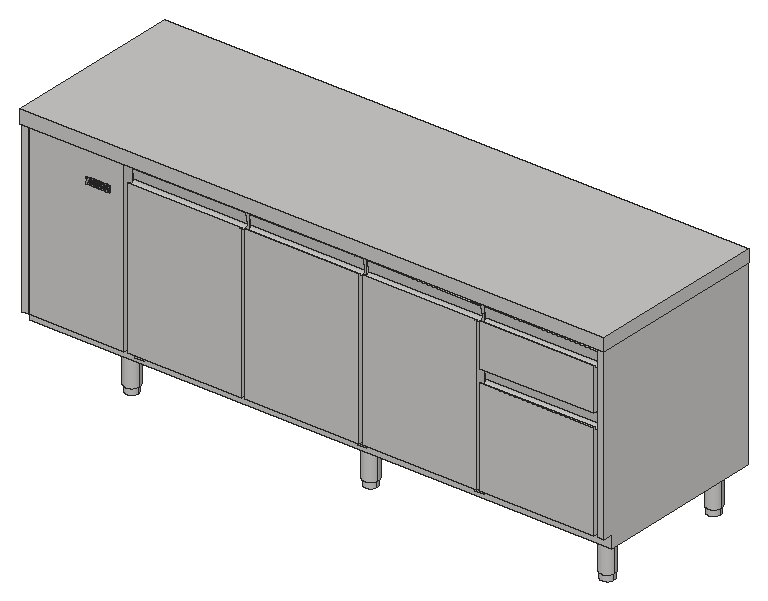
Revit family "QF_ZANUSSI_111061_ZH4HBAAAD", category Specialty Equipment, Revit 2018 (continued)
Definition of nested family "ZAN_Cooling Unit"
  Lines and regions (mm)
    Split face 122
      outline origin (55.016, 2, -209.119) x (0, 0, 1) y (-1, 0, 0)
        loop
          arc (510.649, 158.547) -> (506.648, 162.548) -> (502.647, 158.547) r 4.001
          line (502.647, 158.547) -> (502.647, 116.535)
          arc (502.647, 116.535) -> (506.648, 112.533) -> (510.649, 116.535) r 4.001
          line (510.649, 116.535) -> (510.649, 158.547)
    Split face 123
      outline origin (55.016, 2, -221.122) x (0, 0, 1) y (-1, 0, 0)
        loop
          arc (510.649, 158.547) -> (506.648, 162.548) -> (502.647, 158.547) r 4.001
          line (502.647, 158.547) -> (502.647, 116.535)
          arc (502.647, 116.535) -> (506.648, 112.533) -> (510.649, 116.535) r 4.001
          line (510.649, 116.535) -> (510.649, 158.547)
    Split face 124
      outline origin (55.016, 2, -233.126) x (0, 0, 1) y (-1, 0, 0)
        loop
          arc (510.649, 158.547) -> (506.648, 162.548) -> (502.647, 158.547) r 4.001
          line (502.647, 158.547) -> (502.647, 116.535)
          arc (502.647, 116.535) -> (506.648, 112.533) -> (510.649, 116.535) r 4.001
          line (510.649, 116.535) -> (510.649, 158.547)
    Split face 125
      outline origin (55.016, 2, -245.129) x (0, 0, 1) y (-1, 0, 0)
        loop
          arc (510.649, 158.547) -> (506.648, 162.548) -> (502.647, 158.547) r 4.001
          line (502.647, 158.547) -> (502.647, 116.535)
          arc (502.647, 116.535) -> (506.648, 112.533) -> (510.649, 116.535) r 4.001
          line (510.649, 116.535) -> (510.649, 158.547)
    Split face 126
      outline origin (55.016, 2, -257.133) x (0, 0, 1) y (-1, 0, 0)
        loop
          arc (510.649, 158.547) -> (506.648, 162.548) -> (502.647, 158.547) r 4.001
          line (502.647, 158.547) -> (502.647, 116.535)
          arc (502.647, 116.535) -> (506.648, 112.533) -> (510.649, 116.535) r 4.001
          line (510.649, 116.535) -> (510.649, 158.547)
    Split face 127
      outline origin (55.016, 2, -269.136) x (0, 0, 1) y (-1, 0, 0)
        loop
          arc (510.649, 158.547) -> (506.648, 162.548) -> (502.647, 158.547) r 4.001
          line (502.647, 158.547) -> (502.647, 116.535)
          arc (502.647, 116.535) -> (506.648, 112.533) -> (510.649, 116.535) r 4.001
          line (510.649, 116.535) -> (510.649, 158.547)
    Split face 128
      outline origin (55.016, 2, -281.14) x (0, 0, 1) y (-1, 0, 0)
        loop
          arc (510.649, 158.547) -> (506.648, 162.548) -> (502.647, 158.547) r 4.001
          line (502.647, 158.547) -> (502.647, 116.535)
          arc (502.647, 116.535) -> (506.648, 112.533) -> (510.649, 116.535) r 4.001
          line (510.649, 116.535) -> (510.649, 158.547)
    Split face 129
      outline origin (55.016, 2, -293.144) x (0, 0, 1) y (-1, 0, 0)
        loop
          arc (510.649, 158.547) -> (506.648, 162.548) -> (502.647, 158.547) r 4.001
          line (502.647, 158.547) -> (502.647, 116.535)
          arc (502.647, 116.535) -> (506.648, 112.533) -> (510.649, 116.535) r 4.001
          line (510.649, 116.535) -> (510.649, 158.547)
    Split face 130
      outline origin (110.032, 2, -113.091) x (0, 0, 1) y (-1, 0, 0)
        loop
          arc (510.649, 158.547) -> (506.648, 162.548) -> (502.647, 158.547) r 4.001
          line (502.647, 158.547) -> (502.647, 116.535)
          arc (502.647, 116.535) -> (506.648, 112.533) -> (510.649, 116.535) r 4.001
          line (510.649, 116.535) -> (510.649, 158.547)
    Split face 131
      outline origin (110.032, 2, -125.094) x (0, 0, 1) y (-1, 0, 0)
        loop
          arc (510.649, 158.547) -> (506.648, 162.548) -> (502.647, 158.547) r 4.001
          line (502.647, 158.547) -> (502.647, 116.535)
          arc (502.647, 116.535) -> (506.648, 112.533) -> (510.649, 116.535) r 4.001
          line (510.649, 116.535) -> (510.649, 158.547)
    Split face 132
      outline origin (110.032, 2, -137.098) x (0, 0, 1) y (-1, 0, 0)
        loop
          arc (510.649, 158.547) -> (506.648, 162.548) -> (502.647, 158.547) r 4.001
          line (502.647, 158.547) -> (502.647, 116.535)
          arc (502.647, 116.535) -> (506.648, 112.533) -> (510.649, 116.535) r 4.001
          line (510.649, 116.535) -> (510.649, 158.547)
    Split face 133
      outline origin (110.032, 2, -149.101) x (0, 0, 1) y (-1, 0, 0)
        loop
          arc (510.649, 158.547) -> (506.648, 162.548) -> (502.647, 158.547) r 4.001
          line (502.647, 158.547) -> (502.647, 116.535)
          arc (502.647, 116.535) -> (506.648, 112.533) -> (510.649, 116.535) r 4.001
          line (510.649, 116.535) -> (510.649, 158.547)
    Split face 134
      outline origin (110.032, 2, -161.105) x (0, 0, 1) y (-1, 0, 0)
        loop
          arc (510.649, 158.547) -> (506.648, 162.548) -> (502.647, 158.547) r 4.001
          line (502.647, 158.547) -> (502.647, 116.535)
          arc (502.647, 116.535) -> (506.648, 112.533) -> (510.649, 116.535) r 4.001
          line (510.649, 116.535) -> (510.649, 158.547)
    Split face 135
      outline origin (110.032, 2, -173.108) x (0, 0, 1) y (-1, 0, 0)
        loop
          arc (510.649, 158.547) -> (506.648, 162.548) -> (502.647, 158.547) r 4.001
          line (502.647, 158.547) -> (502.647, 116.535)
          arc (502.647, 116.535) -> (506.648, 112.533) -> (510.649, 116.535) r 4.001
          line (510.649, 116.535) -> (510.649, 158.547)
    Split face 136
      outline origin (110.032, 2, -185.112) x (0, 0, 1) y (-1, 0, 0)
        loop
          arc (510.649, 158.547) -> (506.648, 162.548) -> (502.647, 158.547) r 4.001
          line (502.647, 158.547) -> (502.647, 116.535)
          arc (502.647, 116.535) -> (506.648, 112.533) -> (510.649, 116.535) r 4.001
          line (510.649, 116.535) -> (510.649, 158.547)
    Split face 137
      outline origin (110.032, 2, -197.115) x (0, 0, 1) y (-1, 0, 0)
        loop
          arc (510.649, 158.547) -> (506.648, 162.548) -> (502.647, 158.547) r 4.001
          line (502.647, 158.547) -> (502.647, 116.535)
          arc (502.647, 116.535) -> (506.648, 112.533) -> (510.649, 116.535) r 4.001
          line (510.649, 116.535) -> (510.649, 158.547)
    Split face 138
      outline origin (110.032, 2, -209.119) x (0, 0, 1) y (-1, 0, 0)
        loop
          arc (510.649, 158.547) -> (506.648, 162.548) -> (502.647, 158.547) r 4.001
          line (502.647, 158.547) -> (502.647, 116.535)
          arc (502.647, 116.535) -> (506.648, 112.533) -> (510.649, 116.535) r 4.001
          line (510.649, 116.535) -> (510.649, 158.547)
    Split face 139
      outline origin (110.032, 2, -221.122) x (0, 0, 1) y (-1, 0, 0)
        loop
          arc (510.649, 158.547) -> (506.648, 162.548) -> (502.647, 158.547) r 4.001
          line (502.647, 158.547) -> (502.647, 116.535)
          arc (502.647, 116.535) -> (506.648, 112.533) -> (510.649, 116.535) r 4.001
          line (510.649, 116.535) -> (510.649, 158.547)
    Split face 140
      outline origin (110.032, 2, -233.126) x (0, 0, 1) y (-1, 0, 0)
        loop
          arc (510.649, 158.547) -> (506.648, 162.548) -> (502.647, 158.547) r 4.001
          line (502.647, 158.547) -> (502.647, 116.535)
          arc (502.647, 116.535) -> (506.648, 112.533) -> (510.649, 116.535) r 4.001
          line (510.649, 116.535) -> (510.649, 158.547)
    Split face 141
      outline origin (110.032, 2, -245.129) x (0, 0, 1) y (-1, 0, 0)
        loop
          arc (510.649, 158.547) -> (506.648, 162.548) -> (502.647, 158.547) r 4.001
          line (502.647, 158.547) -> (502.647, 116.535)
          arc (502.647, 116.535) -> (506.648, 112.533) -> (510.649, 116.535) r 4.001
          line (510.649, 116.535) -> (510.649, 158.547)
    Split face 142
      outline origin (110.032, 2, -257.133) x (0, 0, 1) y (-1, 0, 0)
        loop
          arc (510.649, 158.547) -> (506.648, 162.548) -> (502.647, 158.547) r 4.001
          line (502.647, 158.547) -> (502.647, 116.535)
          arc (502.647, 116.535) -> (506.648, 112.533) -> (510.649, 116.535) r 4.001
          line (510.649, 116.535) -> (510.649, 158.547)
    Split face 143
      outline origin (110.032, 2, -269.136) x (0, 0, 1) y (-1, 0, 0)
        loop
          arc (510.649, 158.547) -> (506.648, 162.548) -> (502.647, 158.547) r 4.001
          line (502.647, 158.547) -> (502.647, 116.535)
          arc (502.647, 116.535) -> (506.648, 112.533) -> (510.649, 116.535) r 4.001
          line (510.649, 116.535) -> (510.649, 158.547)
    Split face 144
      outline origin (110.032, 2, -281.14) x (0, 0, 1) y (-1, 0, 0)
        loop
          arc (510.649, 158.547) -> (506.648, 162.548) -> (502.647, 158.547) r 4.001
          line (502.647, 158.547) -> (502.647, 116.535)
          arc (502.647, 116.535) -> (506.648, 112.533) -> (510.649, 116.535) r 4.001
          line (510.649, 116.535) -> (510.649, 158.547)
    Split face 145
      outline origin (110.032, 2, -293.144) x (0, 0, 1) y (-1, 0, 0)
        loop
          arc (510.649, 158.547) -> (506.648, 162.548) -> (502.647, 158.547) r 4.001
          line (502.647, 158.547) -> (502.647, 116.535)
          arc (502.647, 116.535) -> (506.648, 112.533) -> (510.649, 116.535) r 4.001
          line (510.649, 116.535) -> (510.649, 158.547)
    Split face 146
      outline origin (165.048, 2, -113.091) x (0, 0, 1) y (-1, 0, 0)
        loop
          arc (510.649, 158.547) -> (506.648, 162.548) -> (502.647, 158.547) r 4.001
          line (502.647, 158.547) -> (502.647, 116.535)
          arc (502.647, 116.535) -> (506.648, 112.533) -> (510.649, 116.535) r 4.001
          line (510.649, 116.535) -> (510.649, 158.547)
    Split face 147
      outline origin (165.048, 2, -125.094) x (0, 0, 1) y (-1, 0, 0)
        loop
          arc (510.649, 158.547) -> (506.648, 162.548) -> (502.647, 158.547) r 4.001
          line (502.647, 158.547) -> (502.647, 116.535)
          arc (502.647, 116.535) -> (506.648, 112.533) -> (510.649, 116.535) r 4.001
          line (510.649, 116.535) -> (510.649, 158.547)
    Split face 148
      outline origin (165.048, 2, -137.098) x (0, 0, 1) y (-1, 0, 0)
        loop
          arc (510.649, 158.547) -> (506.648, 162.548) -> (502.647, 158.547) r 4.001
          line (502.647, 158.547) -> (502.647, 116.535)
          arc (502.647, 116.535) -> (506.648, 112.533) -> (510.649, 116.535) r 4.001
          line (510.649, 116.535) -> (510.649, 158.547)
    Split face 149
      outline origin (165.048, 2, -149.101) x (0, 0, 1) y (-1, 0, 0)
        loop
          arc (510.649, 158.547) -> (506.648, 162.548) -> (502.647, 158.547) r 4.001
          line (502.647, 158.547) -> (502.647, 116.535)
          arc (502.647, 116.535) -> (506.648, 112.533) -> (510.649, 116.535) r 4.001
          line (510.649, 116.535) -> (510.649, 158.547)
    Split face 150
      outline origin (165.048, 2, -161.105) x (0, 0, 1) y (-1, 0, 0)
        loop
          arc (510.649, 158.547) -> (506.648, 162.548) -> (502.647, 158.547) r 4.001
          line (502.647, 158.547) -> (502.647, 116.535)
          arc (502.647, 116.535) -> (506.648, 112.533) -> (510.649, 116.535) r 4.001
          line (510.649, 116.535) -> (510.649, 158.547)
    Split face 151
      outline origin (165.048, 2, -173.108) x (0, 0, 1) y (-1, 0, 0)
        loop
          arc (510.649, 158.547) -> (506.648, 162.548) -> (502.647, 158.547) r 4.001
          line (502.647, 158.547) -> (502.647, 116.535)
          arc (502.647, 116.535) -> (506.648, 112.533) -> (510.649, 116.535) r 4.001
          line (510.649, 116.535) -> (510.649, 158.547)
    Split face 152
      outline origin (165.048, 2, -185.112) x (0, 0, 1) y (-1, 0, 0)
        loop
          arc (510.649, 158.547) -> (506.648, 162.548) -> (502.647, 158.547) r 4.001
          line (502.647, 158.547) -> (502.647, 116.535)
          arc (502.647, 116.535) -> (506.648, 112.533) -> (510.649, 116.535) r 4.001
          line (510.649, 116.535) -> (510.649, 158.547)
    Split face 153
      outline origin (165.048, 2, -197.115) x (0, 0, 1) y (-1, 0, 0)
        loop
          arc (510.649, 158.547) -> (506.648, 162.548) -> (502.647, 158.547) r 4.001
          line (502.647, 158.547) -> (502.647, 116.535)
          arc (502.647, 116.535) -> (506.648, 112.533) -> (510.649, 116.535) r 4.001
          line (510.649, 116.535) -> (510.649, 158.547)
    Split face 154
      outline origin (165.048, 2, -209.119) x (0, 0, 1) y (-1, 0, 0)
        loop
          arc (510.649, 158.547) -> (506.648, 162.548) -> (502.647, 158.547) r 4.001
          line (502.647, 158.547) -> (502.647, 116.535)
          arc (502.647, 116.535) -> (506.648, 112.533) -> (510.649, 116.535) r 4.001
          line (510.649, 116.535) -> (510.649, 158.547)
    Split face 155
      outline origin (165.048, 2, -221.122) x (0, 0, 1) y (-1, 0, 0)
        loop
          arc (510.649, 158.547) -> (506.648, 162.548) -> (502.647, 158.547) r 4.001
          line (502.647, 158.547) -> (502.647, 116.535)
          arc (502.647, 116.535) -> (506.648, 112.533) -> (510.649, 116.535) r 4.001
          line (510.649, 116.535) -> (510.649, 158.547)
    Split face 156
      outline origin (165.048, 2, -233.126) x (0, 0, 1) y (-1, 0, 0)
        loop
          arc (510.649, 158.547) -> (506.648, 162.548) -> (502.647, 158.547) r 4.001
          line (502.647, 158.547) -> (502.647, 116.535)
          arc (502.647, 116.535) -> (506.648, 112.533) -> (510.649, 116.535) r 4.001
          line (510.649, 116.535) -> (510.649, 158.547)
    Split face 157
      outline origin (165.048, 2, -245.129) x (0, 0, 1) y (-1, 0, 0)
        loop
          arc (510.649, 158.547) -> (506.648, 162.548) -> (502.647, 158.547) r 4.001
          line (502.647, 158.547) -> (502.647, 116.535)
          arc (502.647, 116.535) -> (506.648, 112.533) -> (510.649, 116.535) r 4.001
          line (510.649, 116.535) -> (510.649, 158.547)
    Split face 158
      outline origin (165.048, 2, -257.133) x (0, 0, 1) y (-1, 0, 0)
        loop
          arc (510.649, 158.547) -> (506.648, 162.548) -> (502.647, 158.547) r 4.001
          line (502.647, 158.547) -> (502.647, 116.535)
          arc (502.647, 116.535) -> (506.648, 112.533) -> (510.649, 116.535) r 4.001
          line (510.649, 116.535) -> (510.649, 158.547)
    Split face 159
      outline origin (165.048, 2, -269.136) x (0, 0, 1) y (-1, 0, 0)
        loop
          arc (510.649, 158.547) -> (506.648, 162.548) -> (502.647, 158.547) r 4.001
          line (502.647, 158.547) -> (502.647, 116.535)
          arc (502.647, 116.535) -> (506.648, 112.533) -> (510.649, 116.535) r 4.001
          line (510.649, 116.535) -> (510.649, 158.547)
    Split face 160
      outline origin (165.048, 2, -281.14) x (0, 0, 1) y (-1, 0, 0)
        loop
          arc (510.649, 158.547) -> (506.648, 162.548) -> (502.647, 158.547) r 4.001
          line (502.647, 158.547) -> (502.647, 116.535)
          arc (502.647, 116.535) -> (506.648, 112.533) -> (510.649, 116.535) r 4.001
          line (510.649, 116.535) -> (510.649, 158.547)
    Split face 161
      outline origin (165.048, 2, -293.144) x (0, 0, 1) y (-1, 0, 0)
        loop
          arc (510.649, 158.547) -> (506.648, 162.548) -> (502.647, 158.547) r 4.001
          line (502.647, 158.547) -> (502.647, 116.535)
          arc (502.647, 116.535) -> (506.648, 112.533) -> (510.649, 116.535) r 4.001
          line (510.649, 116.535) -> (510.649, 158.547)
    Split face 162
      outline origin (220.064, 2, -113.091) x (0, 0, 1) y (-1, 0, 0)
        loop
          arc (510.649, 158.547) -> (506.648, 162.548) -> (502.647, 158.547) r 4.001
          line (502.647, 158.547) -> (502.647, 116.535)
          arc (502.647, 116.535) -> (506.648, 112.533) -> (510.649, 116.535) r 4.001
          line (510.649, 116.535) -> (510.649, 158.547)
    Split face 163
      outline origin (220.064, 2, -125.094) x (0, 0, 1) y (-1, 0, 0)
        loop
          arc (510.649, 158.547) -> (506.648, 162.548) -> (502.647, 158.547) r 4.001
          line (502.647, 158.547) -> (502.647, 116.535)
          arc (502.647, 116.535) -> (506.648, 112.533) -> (510.649, 116.535) r 4.001
          line (510.649, 116.535) -> (510.649, 158.547)
    Split face 164
      outline origin (220.064, 2, -137.098) x (0, 0, 1) y (-1, 0, 0)
        loop
          arc (510.649, 158.547) -> (506.648, 162.548) -> (502.647, 158.547) r 4.001
          line (502.647, 158.547) -> (502.647, 116.535)
          arc (502.647, 116.535) -> (506.648, 112.533) -> (510.649, 116.535) r 4.001
          line (510.649, 116.535) -> (510.649, 158.547)
    Split face 165
      outline origin (220.064, 2, -149.101) x (0, 0, 1) y (-1, 0, 0)
        loop
          arc (510.649, 158.547) -> (506.648, 162.548) -> (502.647, 158.547) r 4.001
          line (502.647, 158.547) -> (502.647, 116.535)
          arc (502.647, 116.535) -> (506.648, 112.533) -> (510.649, 116.535) r 4.001
          line (510.649, 116.535) -> (510.649, 158.547)
    Split face 166
      outline origin (220.064, 2, -161.105) x (0, 0, 1) y (-1, 0, 0)
        loop
          arc (510.649, 158.547) -> (506.648, 162.548) -> (502.647, 158.547) r 4.001
          line (502.647, 158.547) -> (502.647, 116.535)
          arc (502.647, 116.535) -> (506.648, 112.533) -> (510.649, 116.535) r 4.001
          line (510.649, 116.535) -> (510.649, 158.547)
    Split face 167
      outline origin (220.064, 2, -173.108) x (0, 0, 1) y (-1, 0, 0)
        loop
          arc (510.649, 158.547) -> (506.648, 162.548) -> (502.647, 158.547) r 4.001
          line (502.647, 158.547) -> (502.647, 116.535)
          arc (502.647, 116.535) -> (506.648, 112.533) -> (510.649, 116.535) r 4.001
          line (510.649, 116.535) -> (510.649, 158.547)
    Split face 168
      outline origin (220.064, 2, -185.112) x (0, 0, 1) y (-1, 0, 0)
        loop
          arc (510.649, 158.547) -> (506.648, 162.548) -> (502.647, 158.547) r 4.001
          line (502.647, 158.547) -> (502.647, 116.535)
          arc (502.647, 116.535) -> (506.648, 112.533) -> (510.649, 116.535) r 4.001
          line (510.649, 116.535) -> (510.649, 158.547)
    Split face 169
      outline origin (220.064, 2, -197.115) x (0, 0, 1) y (-1, 0, 0)
        loop
          arc (510.649, 158.547) -> (506.648, 162.548) -> (502.647, 158.547) r 4.001
          line (502.647, 158.547) -> (502.647, 116.535)
          arc (502.647, 116.535) -> (506.648, 112.533) -> (510.649, 116.535) r 4.001
          line (510.649, 116.535) -> (510.649, 158.547)
    Split face 170
      outline origin (220.064, 2, -209.119) x (0, 0, 1) y (-1, 0, 0)
        loop
          arc (510.649, 158.547) -> (506.648, 162.548) -> (502.647, 158.547) r 4.001
          line (502.647, 158.547) -> (502.647, 116.535)
          arc (502.647, 116.535) -> (506.648, 112.533) -> (510.649, 116.535) r 4.001
          line (510.649, 116.535) -> (510.649, 158.547)
    Split face 171
      outline origin (220.064, 2, -221.122) x (0, 0, 1) y (-1, 0, 0)
        loop
          arc (510.649, 158.547) -> (506.648, 162.548) -> (502.647, 158.547) r 4.001
          line (502.647, 158.547) -> (502.647, 116.535)
          arc (502.647, 116.535) -> (506.648, 112.533) -> (510.649, 116.535) r 4.001
          line (510.649, 116.535) -> (510.649, 158.547)
    Split face 172
      outline origin (220.064, 2, -233.126) x (0, 0, 1) y (-1, 0, 0)
        loop
          arc (510.649, 158.547) -> (506.648, 162.548) -> (502.647, 158.547) r 4.001
          line (502.647, 158.547) -> (502.647, 116.535)
          arc (502.647, 116.535) -> (506.648, 112.533) -> (510.649, 116.535) r 4.001
          line (510.649, 116.535) -> (510.649, 158.547)
    Split face 173
      outline origin (220.064, 2, -245.129) x (0, 0, 1) y (-1, 0, 0)
        loop
          arc (510.649, 158.547) -> (506.648, 162.548) -> (502.647, 158.547) r 4.001
          line (502.647, 158.547) -> (502.647, 116.535)
          arc (502.647, 116.535) -> (506.648, 112.533) -> (510.649, 116.535) r 4.001
          line (510.649, 116.535) -> (510.649, 158.547)
    Split face 174
      outline origin (220.064, 2, -257.133) x (0, 0, 1) y (-1, 0, 0)
        loop
          arc (510.649, 158.547) -> (506.648, 162.548) -> (502.647, 158.547) r 4.001
          line (502.647, 158.547) -> (502.647, 116.535)
          arc (502.647, 116.535) -> (506.648, 112.533) -> (510.649, 116.535) r 4.001
          line (510.649, 116.535) -> (510.649, 158.547)
    Split face 175
      outline origin (220.064, 2, -269.136) x (0, 0, 1) y (-1, 0, 0)
        loop
          arc (510.649, 158.547) -> (506.648, 162.548) -> (502.647, 158.547) r 4.001
          line (502.647, 158.547) -> (502.647, 116.535)
          arc (502.647, 116.535) -> (506.648, 112.533) -> (510.649, 116.535) r 4.001
          line (510.649, 116.535) -> (510.649, 158.547)
    Split face 176
      outline origin (220.064, 2, -281.14) x (0, 0, 1) y (-1, 0, 0)
        loop
          arc (510.649, 158.547) -> (506.648, 162.548) -> (502.647, 158.547) r 4.001
          line (502.647, 158.547) -> (502.647, 116.535)
          arc (502.647, 116.535) -> (506.648, 112.533) -> (510.649, 116.535) r 4.001
          line (510.649, 116.535) -> (510.649, 158.547)
    Split face 177
      outline origin (220.064, 2, -293.144) x (0, 0, 1) y (-1, 0, 0)
        loop
          arc (510.649, 158.547) -> (506.648, 162.548) -> (502.647, 158.547) r 4.001
          line (502.647, 158.547) -> (502.647, 116.535)
          arc (502.647, 116.535) -> (506.648, 112.533) -> (510.649, 116.535) r 4.001
          line (510.649, 116.535) -> (510.649, 158.547)
    Split face 178
      outline origin (275.081, 2, -113.091) x (0, 0, 1) y (-1, 0, 0)
        loop
          arc (510.649, 158.547) -> (506.648, 162.548) -> (502.647, 158.547) r 4.001
          line (502.647, 158.547) -> (502.647, 116.535)
          arc (502.647, 116.535) -> (506.648, 112.533) -> (510.649, 116.535) r 4.001
          line (510.649, 116.535) -> (510.649, 158.547)
    Split face 179
      outline origin (275.081, 2, -125.094) x (0, 0, 1) y (-1, 0, 0)
        loop
          arc (510.649, 158.547) -> (506.648, 162.548) -> (502.647, 158.547) r 4.001
          line (502.647, 158.547) -> (502.647, 116.535)
          arc (502.647, 116.535) -> (506.648, 112.533) -> (510.649, 116.535) r 4.001
          line (510.649, 116.535) -> (510.649, 158.547)
    Split face 180
      outline origin (275.081, 2, -137.098) x (0, 0, 1) y (-1, 0, 0)
        loop
          arc (510.649, 158.547) -> (506.648, 162.548) -> (502.647, 158.547) r 4.001
          line (502.647, 158.547) -> (502.647, 116.535)
          arc (502.647, 116.535) -> (506.648, 112.533) -> (510.649, 116.535) r 4.001
          line (510.649, 116.535) -> (510.649, 158.547)
    Split face 181
      outline origin (275.081, 2, -149.101) x (0, 0, 1) y (-1, 0, 0)
        loop
          arc (510.649, 158.547) -> (506.648, 162.548) -> (502.647, 158.547) r 4.001
          line (502.647, 158.547) -> (502.647, 116.535)
          arc (502.647, 116.535) -> (506.648, 112.533) -> (510.649, 116.535) r 4.001
          line (510.649, 116.535) -> (510.649, 158.547)
    Split face 182
      outline origin (275.081, 2, -161.105) x (0, 0, 1) y (-1, 0, 0)
        loop
          arc (510.649, 158.547) -> (506.648, 162.548) -> (502.647, 158.547) r 4.001
          line (502.647, 158.547) -> (502.647, 116.535)
          arc (502.647, 116.535) -> (506.648, 112.533) -> (510.649, 116.535) r 4.001
          line (510.649, 116.535) -> (510.649, 158.547)
    Split face 183
      outline origin (275.081, 2, -173.108) x (0, 0, 1) y (-1, 0, 0)
        loop
          arc (510.649, 158.547) -> (506.648, 162.548) -> (502.647, 158.547) r 4.001
          line (502.647, 158.547) -> (502.647, 116.535)
          arc (502.647, 116.535) -> (506.648, 112.533) -> (510.649, 116.535) r 4.001
          line (510.649, 116.535) -> (510.649, 158.547)
    Split face 184
      outline origin (275.081, 2, -185.112) x (0, 0, 1) y (-1, 0, 0)
        loop
          arc (510.649, 158.547) -> (506.648, 162.548) -> (502.647, 158.547) r 4.001
          line (502.647, 158.547) -> (502.647, 116.535)
          arc (502.647, 116.535) -> (506.648, 112.533) -> (510.649, 116.535) r 4.001
          line (510.649, 116.535) -> (510.649, 158.547)
    Split face 185
      outline origin (275.081, 2, -197.115) x (0, 0, 1) y (-1, 0, 0)
        loop
          arc (510.649, 158.547) -> (506.648, 162.548) -> (502.647, 158.547) r 4.001
          line (502.647, 158.547) -> (502.647, 116.535)
          arc (502.647, 116.535) -> (506.648, 112.533) -> (510.649, 116.535) r 4.001
          line (510.649, 116.535) -> (510.649, 158.547)
    Split face 186
      outline origin (275.081, 2, -209.119) x (0, 0, 1) y (-1, 0, 0)
        loop
          arc (510.649, 158.547) -> (506.648, 162.548) -> (502.647, 158.547) r 4.001
          line (502.647, 158.547) -> (502.647, 116.535)
          arc (502.647, 116.535) -> (506.648, 112.533) -> (510.649, 116.535) r 4.001
          line (510.649, 116.535) -> (510.649, 158.547)
    Split face 187
      outline origin (275.081, 2, -221.122) x (0, 0, 1) y (-1, 0, 0)
        loop
          arc (510.649, 158.547) -> (506.648, 162.548) -> (502.647, 158.547) r 4.001
          line (502.647, 158.547) -> (502.647, 116.535)
          arc (502.647, 116.535) -> (506.648, 112.533) -> (510.649, 116.535) r 4.001
          line (510.649, 116.535) -> (510.649, 158.547)
    Split face 188
      outline origin (275.081, 2, -233.126) x (0, 0, 1) y (-1, 0, 0)
        loop
          arc (510.649, 158.547) -> (506.648, 162.548) -> (502.647, 158.547) r 4.001
          line (502.647, 158.547) -> (502.647, 116.535)
          arc (502.647, 116.535) -> (506.648, 112.533) -> (510.649, 116.535) r 4.001
          line (510.649, 116.535) -> (510.649, 158.547)
    Split face 189
      outline origin (275.081, 2, -245.129) x (0, 0, 1) y (-1, 0, 0)
        loop
          arc (510.649, 158.547) -> (506.648, 162.548) -> (502.647, 158.547) r 4.001
          line (502.647, 158.547) -> (502.647, 116.535)
          arc (502.647, 116.535) -> (506.648, 112.533) -> (510.649, 116.535) r 4.001
          line (510.649, 116.535) -> (510.649, 158.547)
    Split face 190
      outline origin (275.081, 2, -257.133) x (0, 0, 1) y (-1, 0, 0)
        loop
          arc (510.649, 158.547) -> (506.648, 162.548) -> (502.647, 158.547) r 4.001
          line (502.647, 158.547) -> (502.647, 116.535)
          arc (502.647, 116.535) -> (506.648, 112.533) -> (510.649, 116.535) r 4.001
          line (510.649, 116.535) -> (510.649, 158.547)
    Split face 191
      outline origin (275.081, 2, -269.136) x (0, 0, 1) y (-1, 0, 0)
        loop
          arc (510.649, 158.547) -> (506.648, 162.548) -> (502.647, 158.547) r 4.001
          line (502.647, 158.547) -> (502.647, 116.535)
          arc (502.647, 116.535) -> (506.648, 112.533) -> (510.649, 116.535) r 4.001
          line (510.649, 116.535) -> (510.649, 158.547)
    Split face 192
      outline origin (275.081, 2, -281.14) x (0, 0, 1) y (-1, 0, 0)
        loop
          arc (510.649, 158.547) -> (506.648, 162.548) -> (502.647, 158.547) r 4.001
          line (502.647, 158.547) -> (502.647, 116.535)
          arc (502.647, 116.535) -> (506.648, 112.533) -> (510.649, 116.535) r 4.001
          line (510.649, 116.535) -> (510.649, 158.547)
    Split face 193
      outline origin (275.081, 2, -293.144) x (0, 0, 1) y (-1, 0, 0)
        loop
          arc (510.649, 158.547) -> (506.648, 162.548) -> (502.647, 158.547) r 4.001
          line (502.647, 158.547) -> (502.647, 116.535)
          arc (502.647, 116.535) -> (506.648, 112.533) -> (510.649, 116.535) r 4.001
          line (510.649, 116.535) -> (510.649, 158.547)
    Split face 194
      outline origin (0, 2, 197) x (0, 0, 1) y (-1, 0, 0)
        loop
          spline (566.835, 20.381) -> (564.628, 19.058) -> (561.987, 18.027) -> (558.955, 17.386) -> (555.581, 17.244) -> (551.912, 17.703) -> (547.993, 18.863) -> (543.871, 20.83) -> (539.591, 23.706) -> (535.202, 27.594) -> (530.748, 32.597) -> (526.28, 38.824) -> (521.835, 46.362)
        loop
          spline (521.835, 58.392) -> (525.386, 49.242) -> (529.197, 41.481) -> (533.2, 35.023) -> (537.329, 29.786) -> (541.516, 25.684) -> (545.695, 22.634) -> (549.798, 20.552) -> (553.759, 19.355) -> (557.511, 18.958) -> (560.984, 19.275) -> (564.115, 20.227) -> (566.835, 21.726)
    Split face 195
      outline origin (0, 2, 197) x (0, 0, 1) y (-1, 0, 0)
        loop
          line (555.835, 149.5) -> (532.835, 149.5) -> (532.835, 94.5) -> (555.835, 94.5) -> (555.835, 149.5)
  Dimensions and locks
    aligned and locked: level to plane 2
  Nested families
    nested 1: "ZAN_Logo_S_Grey" at (85, 2, 741.213) x (1, 0, 0) z (0, -1, 0), visible <- "Show Logo", type "ZAN_Logo_S_Grey"
  Definition of nested family "ZAN_Logo_S_Grey"
    Parameters
      Default Elevation = 0 mm
    Reference planes
      plane 1 "Centro (Fronte/Retro)": y = 0
      plane 2: z = 0
      plane 3 "Centro (Sinistra/Destra)": x = 0
    Forms (mm)
      Extrusion 1, solid
        sketch origin (0, 0, 0) x (1, 0, 0) y (0, 1, 0)
          loop
            line (-1219.2, 1219.2) -> (-1219.2, -1219.2) -> (1219.2, -1219.2) -> (1219.2, 1219.2) -> (-1219.2, 1219.2)
        from 0 to -304.8
      Extrusion 2, solid
        sketch origin (17.793, -46.218, 0) x (-1, 0, 0) y (0, -1, 0)
          loop
            spline (-4.176, -58.079) -> (-3.496, -58.328) -> (-2.793, -58.512) -> (-2.075, -58.63) -> (-1.348, -58.682) -> (-0.619, -58.669) -> (0.106, -58.588) -> (0.818, -58.44) -> (1.512, -58.225) -> (2.18, -57.941) -> (2.817, -57.589) -> (3.414, -57.167) -> (3.966, -56.676)
            spline (3.966, -56.676) -> (4.293, -56.162) -> (4.575, -55.61) -> (4.81, -55.026) -> (5, -54.419) -> (5.146, -53.797) -> (5.247, -53.166) -> (5.304, -52.536) -> (5.318, -51.913) -> (5.288, -51.306) -> (5.217, -50.723) -> (5.103, -50.17) -> (4.949, -49.657)
            line (4.949, -49.657) -> (2.702, -46.428) -> (0.316, -44.323)
            spline (0.316, -44.323) -> (0.065, -44.115) -> (-0.195, -43.909) -> (-0.46, -43.704) -> (-0.729, -43.496) -> (-0.997, -43.282) -> (-1.263, -43.059) -> (-1.523, -42.825) -> (-1.774, -42.576) -> (-2.013, -42.309) -> (-2.238, -42.022) -> (-2.445, -41.712) -> (-2.632, -41.375)
            spline (-2.632, -41.375) -> (-2.666, -41.159) -> (-2.697, -40.934) -> (-2.722, -40.701) -> (-2.736, -40.465) -> (-2.736, -40.227) -> (-2.72, -39.989) -> (-2.682, -39.754) -> (-2.621, -39.524) -> (-2.533, -39.302) -> (-2.414, -39.091) -> (-2.261, -38.892) -> (-2.07, -38.708)
            line (-2.07, -38.708) -> (-0.245, -38.567)
            spline (-0.245, -38.567) -> (0.096, -38.8) -> (0.354, -39.074) -> (0.54, -39.381) -> (0.664, -39.716) -> (0.738, -40.073) -> (0.772, -40.445) -> (0.777, -40.825) -> (0.763, -41.208) -> (0.742, -41.588) -> (0.723, -41.957) -> (0.718, -42.309) -> (0.737, -42.638)
            line (0.737, -42.638) -> (5.65, -42.638)
            spline (5.65, -42.638) -> (5.708, -42.042) -> (5.741, -41.448) -> (5.747, -40.857) -> (5.723, -40.273) -> (5.668, -39.696) -> (5.58, -39.129) -> (5.457, -38.574) -> (5.297, -38.032) -> (5.098, -37.506) -> (4.857, -36.997) -> (4.574, -36.508) -> (4.247, -36.041)
            spline (4.247, -36.041) -> (3.844, -35.675) -> (3.409, -35.35) -> (2.946, -35.065) -> (2.458, -34.819) -> (1.949, -34.612) -> (1.421, -34.444) -> (0.88, -34.314) -> (0.326, -34.221) -> (-0.234, -34.165) -> (-0.8, -34.146) -> (-1.366, -34.163) -> (-1.93, -34.216)
            spline (-1.93, -34.216) -> (-2.526, -34.309) -> (-3.116, -34.448) -> (-3.695, -34.633) -> (-4.259, -34.861) -> (-4.801, -35.131) -> (-5.316, -35.444) -> (-5.799, -35.798) -> (-6.245, -36.191) -> (-6.648, -36.624) -> (-7.002, -37.095) -> (-7.303, -37.603) -> (-7.545, -38.146)
            spline (-7.545, -38.146) -> (-7.694, -38.815) -> (-7.792, -39.487) -> (-7.839, -40.158) -> (-7.836, -40.824) -> (-7.785, -41.482) -> (-7.685, -42.129) -> (-7.539, -42.762) -> (-7.347, -43.377) -> (-7.111, -43.97) -> (-6.83, -44.538) -> (-6.506, -45.078) -> (-6.141, -45.586)
            line (-6.141, -45.586) -> (-0.526, -50.64) -> (0.176, -51.482)
            spline (0.176, -51.482) -> (0.248, -51.66) -> (0.323, -51.843) -> (0.397, -52.03) -> (0.467, -52.22) -> (0.529, -52.412) -> (0.579, -52.605) -> (0.615, -52.798) -> (0.633, -52.989) -> (0.63, -53.179) -> (0.601, -53.366) -> (0.545, -53.55) -> (0.456, -53.728)
            spline (0.456, -53.728) -> (0.375, -53.892) -> (0.273, -54.034) -> (0.154, -54.155) -> (0.02, -54.258) -> (-0.126, -54.343) -> (-0.28, -54.412) -> (-0.441, -54.466) -> (-0.604, -54.508) -> (-0.767, -54.537) -> (-0.928, -54.556) -> (-1.082, -54.567) -> (-1.228, -54.57)
            line (-1.228, -54.57) -> (-2.632, -53.587) -> (-2.772, -50.64) -> (-7.405, -50.64)
            spline (-7.405, -50.64) -> (-7.41, -51.031) -> (-7.423, -51.432) -> (-7.44, -51.839) -> (-7.456, -52.251) -> (-7.469, -52.665) -> (-7.475, -53.079) -> (-7.468, -53.489) -> (-7.446, -53.894) -> (-7.404, -54.291) -> (-7.339, -54.679) -> (-7.247, -55.053) -> (-7.123, -55.412)
            spline (-7.123, -55.412) -> (-6.999, -55.693) -> (-6.837, -55.97) -> (-6.643, -56.244) -> (-6.422, -56.509) -> (-6.177, -56.765) -> (-5.913, -57.009) -> (-5.634, -57.238) -> (-5.346, -57.45) -> (-5.051, -57.643) -> (-4.755, -57.814) -> (-4.462, -57.96) -> (-4.176, -58.079)
          loop
            spline (-21.021, -55.552) -> (-20.633, -56.181) -> (-20.177, -56.736) -> (-19.661, -57.217) -> (-19.092, -57.627) -> (-18.478, -57.966) -> (-17.827, -58.237) -> (-17.147, -58.441) -> (-16.446, -58.578) -> (-15.73, -58.652) -> (-15.009, -58.662) -> (-14.29, -58.611) -> (-13.581, -58.5)
            spline (-13.581, -58.5) -> (-13.088, -58.407) -> (-12.595, -58.269) -> (-12.109, -58.088) -> (-11.636, -57.866) -> (-11.183, -57.605) -> (-10.756, -57.307) -> (-10.361, -56.974) -> (-10.004, -56.608) -> (-9.692, -56.211) -> (-9.431, -55.784) -> (-9.228, -55.33) -> (-9.089, -54.851)
            spline (-9.089, -54.851) -> (-8.873, -54.211) -> (-8.715, -53.559) -> (-8.615, -52.901) -> (-8.574, -52.241) -> (-8.592, -51.585) -> (-8.668, -50.938) -> (-8.802, -50.306) -> (-8.995, -49.693) -> (-9.247, -49.106) -> (-9.557, -48.55) -> (-9.925, -48.03) -> (-10.352, -47.551)
            line (-10.352, -47.551) -> (-15.546, -42.919) -> (-16.669, -41.234)
            spline (-16.669, -41.234) -> (-16.704, -41.021) -> (-16.735, -40.804) -> (-16.761, -40.583) -> (-16.778, -40.361) -> (-16.784, -40.139) -> (-16.774, -39.919) -> (-16.748, -39.701) -> (-16.7, -39.488) -> (-16.63, -39.28) -> (-16.533, -39.08) -> (-16.406, -38.889) -> (-16.248, -38.708)
            line (-16.248, -38.708) -> (-14.844, -38.427)
            spline (-14.844, -38.427) -> (-14.347, -38.545) -> (-13.969, -38.749) -> (-13.695, -39.028) -> (-13.508, -39.368) -> (-13.393, -39.757) -> (-13.335, -40.182) -> (-13.318, -40.63) -> (-13.326, -41.089) -> (-13.344, -41.546) -> (-13.356, -41.988) -> (-13.347, -42.403) -> (-13.3, -42.779)
            line (-13.3, -42.779) -> (-8.387, -42.638)
            spline (-8.387, -42.638) -> (-8.326, -42.034) -> (-8.288, -41.417) -> (-8.277, -40.794) -> (-8.299, -40.169) -> (-8.357, -39.548) -> (-8.457, -38.936) -> (-8.604, -38.339) -> (-8.803, -37.762) -> (-9.058, -37.21) -> (-9.375, -36.689) -> (-9.758, -36.204) -> (-10.212, -35.76)
            spline (-10.212, -35.76) -> (-10.793, -35.336) -> (-11.409, -34.976) -> (-12.054, -34.679) -> (-12.723, -34.445) -> (-13.409, -34.273) -> (-14.107, -34.163) -> (-14.811, -34.115) -> (-15.515, -34.127) -> (-16.213, -34.2) -> (-16.899, -34.333) -> (-17.568, -34.526) -> (-18.213, -34.777)
            spline (-18.213, -34.777) -> (-18.496, -34.897) -> (-18.783, -35.044) -> (-19.071, -35.216) -> (-19.357, -35.412) -> (-19.639, -35.629) -> (-19.915, -35.865) -> (-20.182, -36.119) -> (-20.438, -36.389) -> (-20.681, -36.672) -> (-20.907, -36.967) -> (-21.115, -37.272) -> (-21.301, -37.585)
            spline (-21.301, -37.585) -> (-21.55, -38.26) -> (-21.734, -38.948) -> (-21.854, -39.647) -> (-21.91, -40.351) -> (-21.901, -41.057) -> (-21.828, -41.761) -> (-21.69, -42.459) -> (-21.489, -43.148) -> (-21.222, -43.823) -> (-20.892, -44.48) -> (-20.497, -45.116) -> (-20.038, -45.726)
            line (-20.038, -45.726) -> (-14.142, -51.061) -> (-13.44, -52.886) -> (-14.002, -54.289) -> (-15.265, -54.57) -> (-16.669, -53.587) -> (-16.81, -50.78) -> (-21.582, -50.64)
            spline (-21.582, -50.64) -> (-21.558, -51.063) -> (-21.55, -51.491) -> (-21.554, -51.92) -> (-21.561, -52.35) -> (-21.567, -52.778) -> (-21.565, -53.201) -> (-21.547, -53.619) -> (-21.509, -54.029) -> (-21.444, -54.43) -> (-21.345, -54.818) -> (-21.206, -55.193) -> (-21.021, -55.552)
          loop
            line (-22.424, -34.216) -> (-27.337, -34.216) -> (-27.337, -58.22) -> (-22.424, -58.22) -> (-22.424, -34.216)
          loop
            line (14.213, -39.971) -> (14.213, -58.22) -> (19.126, -58.22) -> (19.126, -42.077) -> (18.845, -38.146) -> (18.424, -37.164) -> (17.442, -35.9) -> (16.459, -35.199) -> (14.494, -34.356) -> (13.511, -34.216) -> (11.265, -34.216) -> (10.142, -34.497) -> (8.458, -35.479) -> (6.493, -38.287) -> (6.352, -39.269) -> (6.352, -58.22) -> (11.265, -58.22) -> (11.265, -40.392) -> (11.827, -39.129) -> (13.371, -38.988) -> (14.213, -39.971)
          loop
            line (20.249, -58.22) -> (24.741, -58.22) -> (24.741, -42.919) -> (28.812, -58.22) -> (34.006, -58.22) -> (34.006, -34.216) -> (29.654, -34.216) -> (29.654, -50.078) -> (25.583, -34.216) -> (20.249, -34.216) -> (20.249, -58.22)
          loop
            line (50.149, -58.22) -> (62.361, -58.22) -> (62.361, -53.728) -> (55.904, -53.868) -> (62.923, -39.129) -> (62.923, -34.216) -> (50.149, -34.216) -> (50.149, -39.129) -> (57.517, -39.129) -> (50.149, -54.149) -> (50.149, -58.22)
          loop
            line (38.778, -58.22) -> (45.516, -58.22) -> (49.868, -34.216) -> (44.814, -34.216) -> (44.113, -38.848) -> (40.042, -38.848) -> (39.34, -34.216) -> (34.286, -34.216) -> (38.778, -58.22)
          loop
            line (43.551, -43.2) -> (40.744, -43.2) -> (42.147, -54.117) -> (43.551, -43.2)
        from 0 to 1.644
    Dimensions and locks
      aligned and locked: plane 2 to Extrusion 1
      aligned and locked: level to Extrusion 1
Definition of nested family "Refrigerator"
  Reference planes
    plane 1 "Center (Front/Back)": y = 0
    plane 2: z = 0
    plane 3 "Center (Left/Right)": x = 0
  Lines and regions (mm)
    detail lines, in view "Ref. Level"
      curve 1: spline (-500, 190, 0) -> (-493.185, 166.706, 0) -> (-473.205, 145, 0) -> (-441.421, 126.36, 0) -> (-400, 112.058, 0) -> (-351.764, 103.067, 0) -> (-300, 100, 0) -> (-248.236, 103.067, 0) -> (-200, 112.058, 0) -> (-158.579, 126.36, 0) -> (-126.795, 145, 0) -> (-106.815, 166.706, 0) -> (-100, 190, 0) -> (-106.815, 213.294, 0) -> (-126.795, 235, 0) -> (-158.579, 253.64, 0) -> (-200, 267.942, 0) -> (-248.236, 276.933, 0) -> (-300, 280, 0) -> (-351.764, 276.933, 0) -> (-400, 267.942, 0) -> (-441.421, 253.64, 0) -> (-473.205, 235, 0) -> (-493.185, 213.294, 0) -> (-500, 190, 0)
      curve 2: line (-300, 130, 0) -> (-300, 250, 0)
      curve 3: line (-351.962, 220, 0) -> (-248.038, 160, 0)
      curve 4: line (-351.962, 160, 0) -> (-248.038, 220, 0)
      curve 5: line (-280.884, 246.873, 0) -> (-300, 225, 0)
      curve 6: line (-300, 225, 0) -> (-319.116, 246.873, 0)
      curve 7: line (-330.311, 207.5, 0) -> (-339.696, 234.992, 0)
      curve 8: line (-358.812, 201.882, 0) -> (-330.311, 207.5, 0)
      curve 9: line (-330.311, 172.5, 0) -> (-358.812, 178.118, 0)
      curve 10: line (-339.696, 145.008, 0) -> (-330.311, 172.5, 0)
      curve 11: line (-300, 155, 0) -> (-319.116, 133.127, 0)
      curve 12: line (-280.884, 133.127, 0) -> (-300, 155, 0)
      curve 13: line (-269.689, 172.5, 0) -> (-260.304, 145.008, 0)
      curve 14: line (-241.188, 178.118, 0) -> (-269.689, 172.5, 0)
      curve 15: line (-269.689, 207.5, 0) -> (-241.188, 201.882, 0)
      curve 16: line (-260.304, 234.992, 0) -> (-269.689, 207.5, 0)
